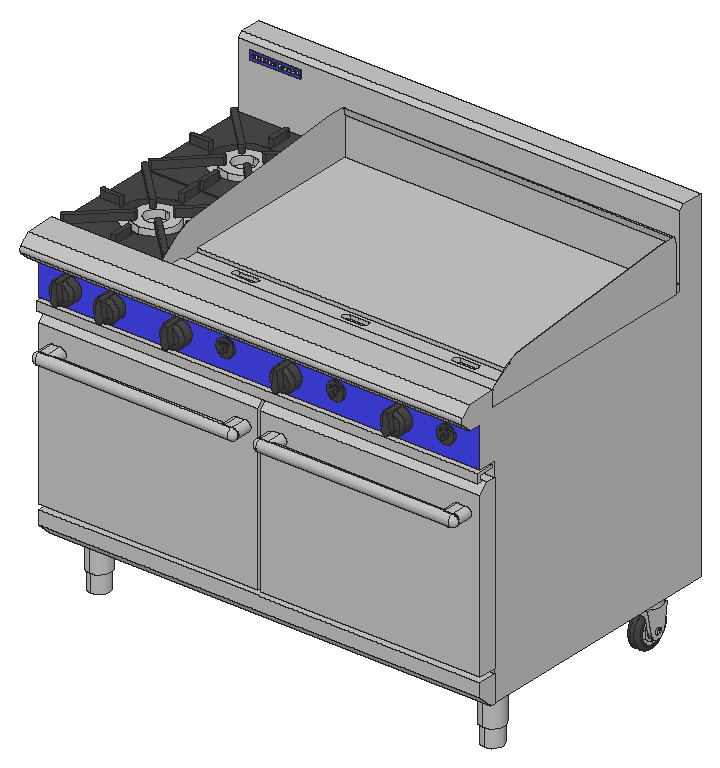
Revit family "QF_MOFFAT_BLUESEAL_CE_G528A", category Specialty Equipment, Revit 2012
Parameters
  Width = 1200 mm
  Weight in Pounds = 664  # constant formula
  URL Cutsheet = "www.moffat.com"
  URL = "www.moffat.com"
  Type Mark [instance] = ""
  Status [instance] = ""
  Specification by User [instance] = ""
  Specification by Manufacturer = ""
  Show Logo [instance] = yes
  Show Clearance [instance] = yes
  Show Casters [instance] = yes
  Serial Number = ""
  Seismic Rating = ""
  SMACNA No = ""
  Revision Code [instance] = ""
  Omniclass Number and Title = ""
  NAFEM Spec ID Number = ""
  Model = "G528A"
  Mechanical Remarks = ""
  Mechanical Connection Type [instance] = ""
  Masterspec = ""
  Manufacturer = "MOFFAT BLUESEAL"
  Legs [instance] = not(Show Casters)  # no
  Item Number [instance] = ""
  Installed By [instance] = ""
  Identify Quantity as Lot [instance] = yes
  Height = 970 mm
  Gas Size = 3/4"
  Gas RI Height [instance] = 0 mm
  Gas KW [instance] = 45.5
  Gas Input [instance] = 155441.0 Btu/h
  Gas Connection Height = 0 mm
  Furnished By [instance] = ""
  Foodservice Equipment Identifier [instance] = yes
  Description = "1200MM GAS RANGE WITH DOUBLE STATIC OVENS"
  Depth = 812 mm
  CSI MasterFormat = ""
  CSI Master Format = ""
  Body Finish = QF_Finishes_Stainless Steel
Reference planes
  plane 1 "BACK": y = 0
  plane 2: z = 0
  plane 3 "LEFT": x = 0
  plane 4 "RIGHT": x = 1200
  plane 5 "FRONT": y = -812
  plane 6 "TOP": z = 970
  plane 7 "Center Y": x = 600
  plane 8 "Center X": y = -406
  plane 9: y = -805
  plane 10: y = -32
  plane 11: z = 655
  plane 12: z = 1085
  plane 13: y = -100
  plane 14: y = -625
  plane 15: x = 1134.5
  plane 16: x = 65.5
Forms (mm)
  Extrusion 1, solid, material "QF_Finishes_Stainless Steel" <- "Body Finish"
    sketch origin (0, 0, 0) x (0, 1, 0) y (0, 0, 1)
      loop
        line (0, 150) -> (0, 1085) -> (-57.5, 1085) -> (-70, 1072.5) -> (-70, 875) -> (-705, 875) -> (-705, 915) -> (-783.97, 915) -> (-808.485, 890.485)
        arc (-808.485, 890.485) -> (-811.999, 882) -> (-808.485, 873.515) r 12
        line (-808.485, 873.515) -> (-784.97, 850) -> (-749, 850) -> (-749, 740) -> (-699, 740) -> (-699, 150) -> (0, 150)
      loop
        line (-756, 710) -> (-747.224, 710) -> (-749.613, 726.999) -> (-707.93, 726.999) -> (-707.93, 734.003) -> (-756, 734.003) -> (-756, 710)
      loop
        line (-749, 186) -> (-713, 150) -> (-700, 150) -> (-700, 222.5) -> (-749, 222.5) -> (-749, 186)
    from 0 to 1200
  Extrusion 2, solid, material "QF_Finishes_Stainless Steel"
    sketch origin (0, 0, 0) x (0, 1, 0) y (0, 0, 1)
      loop
        line (-749, 676) -> (-749, 235) -> (-700, 235) -> (-700, 700) -> (-725, 700) -> (-749, 676)
    from 0 to 1200
  Revolve 3, solid, material "QF_Finishes_Stainless Steel" <- "Body Finish"
    sketch origin (1134.5, -696.126, 0) x (0, 1, 0) y (0, 0, -1)
      loop
        line (39.376, -150) -> (71.126, -150) -> (71.126, 0) -> (43.626, 0) -> (43.626, -50) -> (39.376, -50) -> (39.376, -150)
      axis (71.126, -150) -> (71.126, 0)
    angle from 0 to 360
  Revolve 4, solid, material "QF_Finishes_Stainless Steel" <- "Body Finish"
    sketch origin (65.5, -696.126, 0) x (0, 1, 0) y (0, 0, 1)
      loop
        line (39.376, 150) -> (39.376, 50) -> (43.626, 50) -> (43.626, 0) -> (71.126, 0) -> (71.126, 150) -> (39.376, 150)
      axis (71.126, 150) -> (71.126, 0)
    angle from 0 to 360
  Extrusion 5, solid, material "QF_Finishes_Stainless Steel"
    sketch origin (-64.5, 0, 325) x (1, 0, 0) y (0, 1, 0)
      loop
        circle (1134.5, -34) r 10
    from 330 to 374.856
  Revolve 6, solid, material "QF_Finishes_Black"
    sketch origin (90.337, 45.874, -0.078) x (0, 1, 0) y (0, 0, -1)
      loop
        line (-827.874, -829.5) -> (-804.874, -829.5) -> (-804.874, -802) -> (-794.874, -802) -> (-794.874, -797) -> (-838.874, -797) -> (-838.874, -823.651) -> (-827.874, -829.5)
      axis (-838.874, -797) -> (-794.874, -797)
    angle from 0 to 360
  Revolve 7, solid, material "QF_Finishes_Black"
    sketch origin (210.649, 45.874, -0.078) x (0, 1, 0) y (0, 0, -1)
      loop
        line (-827.874, -829.5) -> (-804.874, -829.5) -> (-804.874, -802) -> (-794.874, -802) -> (-794.874, -797) -> (-838.874, -797) -> (-838.874, -823.651) -> (-827.874, -829.5)
      axis (-838.874, -797) -> (-794.874, -797)
    angle from 0 to 360
  Extrusion 8, solid, material "QF_Finishes_Black"
    sketch origin (238.144, 0, -0.078) x (-1, 0, 0) y (0, 0, -1)
      loop
        line (137.724, -786.273) -> (143.145, -829.191)
        arc (143.145, -829.191) -> (148.144, -834.078) -> (153.142, -829.191) r 5
        line (153.142, -829.191) -> (158.631, -785.106)
        arc (158.631, -785.106) -> (147.559, -774.607) -> (137.724, -786.273) r 10.487
    from 759 to 808
  Extrusion 9, void
    sketch origin (0, -756, 676) x (0, 0, 1) y (1, 0, 0)
      loop
        line (24, 595.449) -> (24, 604.551) -> (-453.5, 604.551) -> (-453.5, 595.449) -> (24, 595.449)
    from 0 to 51
  Revolve 10, solid, material "QF_Finishes_Black"
    sketch origin (390.649, 45.874, -0.078) x (0, 1, 0) y (0, 0, -1)
      loop
        line (-827.874, -829.5) -> (-804.874, -829.5) -> (-804.874, -802) -> (-794.874, -802) -> (-794.874, -797) -> (-838.874, -797) -> (-838.874, -823.651) -> (-827.874, -829.5)
      axis (-838.874, -797) -> (-794.874, -797)
    angle from 0 to 360
  Revolve 11, solid, material "QF_Finishes_Black"
    sketch origin (690.649, 45.874, -0.078) x (0, 1, 0) y (0, 0, -1)
      loop
        line (-827.874, -829.5) -> (-804.874, -829.5) -> (-804.874, -802) -> (-794.874, -802) -> (-794.874, -797) -> (-838.874, -797) -> (-838.874, -823.651) -> (-827.874, -829.5)
      axis (-838.874, -797) -> (-794.874, -797)
    angle from 0 to 360
  Revolve 12, solid, material "QF_Finishes_Black"
    sketch origin (990.649, 45.874, -0.078) x (0, 1, 0) y (0, 0, -1)
      loop
        line (-827.874, -829.5) -> (-804.874, -829.5) -> (-804.874, -802) -> (-794.874, -802) -> (-794.874, -797) -> (-838.874, -797) -> (-838.874, -823.651) -> (-827.874, -829.5)
      axis (-838.874, -797) -> (-794.874, -797)
    angle from 0 to 360
  Extrusion 13, solid, material "QF_Door-Drawer Clearances", visible <- "Show Clearance", detail levels coarse
    sketch origin (762.865, 0, 0) x (0, 1, 0) y (0, 0, 1)
      loop
        arc (-756, 697.347) -> (-1088.232, 559.732) -> (-1225.847, 227.5) r 469.847
        line (-1225.847, 227.5) -> (-756, 227.5) -> (-756, 697.347)
    from -167.415 to -762.865
  Extrusion 14, solid, material "QF_Door-Drawer Clearances", visible <- "Show Clearance", detail levels coarse
    sketch origin (437.135, 0, 0) x (0, 1, 0) y (0, 0, -1)
      loop
        line (-756, -697.347) -> (-756, -227.5) -> (-1225.847, -227.5)
        arc (-1225.847, -227.5) -> (-1088.232, -559.732) -> (-756, -697.347) r 469.847
    from -167.415 to -762.865
  Extrusion 15, void
    sketch origin (0, 0, 150) x (-1, 0, 0) y (0, -1, 0)
      loop
        line (-1133.988, 87.26) -> (-1133.988, -30.24) -> (-1004.488, -30.24) -> (-1004.488, 38.76) -> (-1052.988, 87.26) -> (-1133.988, 87.26)
    from 72.5 to 549.856
  Extrusion 16, solid, material "QF_Finishes_Stainless Steel"
    sketch origin (0, -749, 227.5) x (0, 0, 1) y (-1, 0, 0)
      loop
        line (380.625, -38.246) -> (380.625, -58.528)
        arc (380.625, -58.528) -> (395.625, -73.528) -> (410.625, -58.528) r 15
        line (410.625, -58.528) -> (410.625, -38.246)
        arc (410.625, -38.246) -> (395.625, -23.246) -> (380.625, -38.246) r 15
      loop
        arc (380.625, -560.539) -> (395.625, -575.539) -> (410.625, -560.539) r 15
        line (410.625, -560.539) -> (410.625, -540.257)
        arc (410.625, -540.257) -> (395.625, -525.257) -> (380.625, -540.257) r 15
        line (380.625, -540.257) -> (380.625, -560.539)
    from 0 to 44
  Revolve 17, solid, material "QF_Finishes_Stainless Steel"
    sketch origin (0, -793, 0) x (1, 0, 0) y (0, 0, 1)
      loop
        arc (575.852, 623.125) -> (571.458, 633.732) -> (560.852, 638.125) r 15
        line (560.852, 638.125) -> (38.246, 638.125)
        arc (38.246, 638.125) -> (27.64, 633.732) -> (23.246, 623.125) r 15
        line (23.246, 623.125) -> (575.852, 623.125)
      axis (575.852, 623.125) -> (23.246, 623.125)
    angle from 0 to 360
  Extrusion 18, solid, material "QF_Finishes_Stainless Steel"
    sketch origin (600, -749, 227.5) x (0, 0, 1) y (-1, 0, 0)
      loop
        line (380.625, -38.246) -> (380.625, -58.528)
        arc (380.625, -58.528) -> (395.625, -73.528) -> (410.625, -58.528) r 15
        line (410.625, -58.528) -> (410.625, -38.246)
        arc (410.625, -38.246) -> (395.625, -23.246) -> (380.625, -38.246) r 15
      loop
        arc (380.625, -560.539) -> (395.625, -575.539) -> (410.625, -560.539) r 15
        line (410.625, -560.539) -> (410.625, -540.257)
        arc (410.625, -540.257) -> (395.625, -525.257) -> (380.625, -540.257) r 15
        line (380.625, -540.257) -> (380.625, -560.539)
    from 0 to 44
  Revolve 19, solid, material "QF_Finishes_Stainless Steel"
    sketch origin (600, -793, 0) x (1, 0, 0) y (0, 0, 1)
      loop
        arc (575.852, 623.125) -> (571.458, 633.732) -> (560.852, 638.125) r 15
        line (560.852, 638.125) -> (38.246, 638.125)
        arc (38.246, 638.125) -> (27.64, 633.732) -> (23.246, 623.125) r 15
        line (23.246, 623.125) -> (575.852, 623.125)
      axis (575.852, 623.125) -> (23.246, 623.125)
    angle from 0 to 360
  Revolve 20, solid, material "QF_Finishes_Stainless Steel", visible <- "Legs"
    sketch origin (65.5, -166, 0) x (0, 1, 0) y (0, 0, 1)
      loop
        line (34.25, 150) -> (34.25, 50) -> (38.5, 50) -> (38.5, 0) -> (66, 0) -> (66, 150) -> (34.25, 150)
      axis (66, 150) -> (66, 0)
    angle from 0 to 360
  Revolve 21, solid, material "QF_Finishes_Stainless Steel", visible <- "Show Casters"
    sketch origin (16.276, -100.755, -12.8) x (1, 0, 0) y (0, 0, 1)
      loop
        line (14.841, 63.604) -> (83.584, 63.604) -> (83.584, 67.109) -> (82.314, 68.379) -> (80.79, 68.379) -> (80.79, 71.826) -> (68.644, 71.826) -> (68.644, 81.79) -> (65.088, 83.843) -> (63.738, 92.179) -> (65.881, 92.179) -> (65.881, 98.529) -> (65.088, 98.529) -> (65.088, 104.879)
        arc (65.088, 104.879) -> (62.298, 111.614) -> (55.563, 114.404) r 9.525
        line (55.563, 114.404) -> (42.863, 114.404)
        arc (42.863, 114.404) -> (36.127, 111.614) -> (33.338, 104.879) r 9.525
        line (33.338, 104.879) -> (33.338, 98.529) -> (32.544, 98.529) -> (32.544, 92.179) -> (34.687, 92.179) -> (33.352, 83.932) -> (29.782, 81.871) -> (29.782, 71.826) -> (17.635, 71.826) -> (17.635, 68.379) -> (16.111, 68.379) -> (14.841, 67.109) -> (14.841, 63.604)
      axis (14.841, 63.604) -> (83.584, 63.604)
    angle from 0 to 360
  Extrusion 22, solid, material "QF_Finishes_Stainless Steel", visible <- "Show Casters"
    sketch origin (72.001, 132.353, -8.783) x (0, 1, 0) y (0, 0, 1)
      loop
        line (-200.603, 118.783) -> (-264.103, 118.783) -> (-251.746, 53.895)
        arc (-251.746, 53.895) -> (-232.353, 38.783) -> (-212.959, 53.895) r 20
        line (-212.959, 53.895) -> (-200.603, 118.783)
    from -35.667 to 22.923
  Revolve 23, solid, material "QF_Finishes_Stainless Steel", visible <- "Show Casters"
    sketch origin (65.5, -204, 0) x (0, 1, 0) y (0, 0, 1)
      loop
        line (68.25, 150) -> (68.25, 110) -> (104, 110) -> (104, 150) -> (68.25, 150)
      axis (104, 150) -> (104, 110)
    angle from 0 to 360
  Revolve 24, solid, material "QF_Finishes_Stainless Steel", visible <- "Legs"
    sketch origin (65.5, -166, 0) x (0, 1, 0) y (0, 0, 1)
      loop
        line (34.25, 150) -> (34.25, 50) -> (38.5, 50) -> (38.5, 0) -> (66, 0) -> (66, 150) -> (34.25, 150)
      axis (66, 150) -> (66, 0)
    angle from 0 to 360
  Revolve 25, solid, material "QF_Finishes_Stainless Steel", visible <- "Legs"
    sketch origin (1134.5, -166, 0) x (0, 1, 0) y (0, 0, -1)
      loop
        line (34.25, -150) -> (66, -150) -> (66, 0) -> (38.5, 0) -> (38.5, -50) -> (34.25, -50) -> (34.25, -150)
      axis (66, -150) -> (66, 0)
    angle from 0 to 360
  Revolve 26, solid, material "QF_Finishes_Stainless Steel", visible <- "Show Casters"
    sketch origin (1183.724, -100.755, -12.8) x (-1, 0, 0) y (0, 0, -1)
      loop
        line (14.841, -63.604) -> (14.841, -67.109) -> (16.111, -68.379) -> (17.635, -68.379) -> (17.635, -71.826) -> (29.782, -71.826) -> (29.782, -81.871) -> (33.352, -83.932) -> (34.687, -92.179) -> (32.544, -92.179) -> (32.544, -98.529) -> (33.338, -98.529) -> (33.338, -104.879)
        arc (33.338, -104.879) -> (36.127, -111.614) -> (42.863, -114.404) r 9.525
        line (42.863, -114.404) -> (55.563, -114.404)
        arc (55.563, -114.404) -> (62.298, -111.614) -> (65.088, -104.879) r 9.525
        line (65.088, -104.879) -> (65.088, -98.529) -> (65.881, -98.529) -> (65.881, -92.179) -> (63.738, -92.179) -> (65.088, -83.843) -> (68.644, -81.79) -> (68.644, -71.826) -> (80.79, -71.826) -> (80.79, -68.379) -> (82.314, -68.379) -> (83.584, -67.109) -> (83.584, -63.604) -> (14.841, -63.604)
      axis (14.841, -63.604) -> (83.584, -63.604)
    angle from 0 to 360
  Extrusion 27, solid, material "QF_Finishes_Stainless Steel", visible <- "Show Casters"
    sketch origin (1127.999, 132.353, -8.783) x (0, 1, 0) y (0, 0, -1)
      loop
        line (-200.603, -118.783) -> (-212.959, -53.895)
        arc (-212.959, -53.895) -> (-232.353, -38.783) -> (-251.746, -53.895) r 20
        line (-251.746, -53.895) -> (-264.103, -118.783) -> (-200.603, -118.783)
    from -35.667 to 22.923
  Revolve 28, solid, material "QF_Finishes_Stainless Steel", visible <- "Show Casters"
    sketch origin (1134.5, -204, 0) x (0, 1, 0) y (0, 0, -1)
      loop
        line (68.25, -150) -> (104, -150) -> (104, -110) -> (68.25, -110) -> (68.25, -150)
      axis (104, -150) -> (104, -110)
    angle from 0 to 360
  Revolve 29, solid, material "QF_Finishes_Stainless Steel", visible <- "Legs"
    sketch origin (1134.5, -166, 0) x (0, 1, 0) y (0, 0, -1)
      loop
        line (34.25, -150) -> (66, -150) -> (66, 0) -> (38.5, 0) -> (38.5, -50) -> (34.25, -50) -> (34.25, -150)
      axis (66, -150) -> (66, 0)
    angle from 0 to 360
  Extrusion 30, solid, material "QF_Finishes_Black"
    sketch origin (358.456, 0, -0.078) x (-1, 0, 0) y (0, 0, -1)
      loop
        line (137.724, -786.273) -> (143.145, -829.191)
        arc (143.145, -829.191) -> (148.144, -834.078) -> (153.142, -829.191) r 5
        line (153.142, -829.191) -> (158.631, -785.106)
        arc (158.631, -785.106) -> (147.559, -774.607) -> (137.724, -786.273) r 10.487
    from 759 to 808
  Extrusion 31, solid, material "QF_Finishes_Black"
    sketch origin (538.456, 0, -0.078) x (-1, 0, 0) y (0, 0, -1)
      loop
        line (137.724, -786.273) -> (143.145, -829.191)
        arc (143.145, -829.191) -> (148.144, -834.078) -> (153.142, -829.191) r 5
        line (153.142, -829.191) -> (158.631, -785.106)
        arc (158.631, -785.106) -> (147.559, -774.607) -> (137.724, -786.273) r 10.487
    from 759 to 808
  Extrusion 32, solid, material "QF_Finishes_Black"
    sketch origin (838.456, 0, -0.078) x (-1, 0, 0) y (0, 0, -1)
      loop
        line (137.724, -786.273) -> (143.145, -829.191)
        arc (143.145, -829.191) -> (148.144, -834.078) -> (153.142, -829.191) r 5
        line (153.142, -829.191) -> (158.631, -785.106)
        arc (158.631, -785.106) -> (147.559, -774.607) -> (137.724, -786.273) r 10.487
    from 759 to 808
  Extrusion 33, solid, material "QF_Finishes_Black"
    sketch origin (1138.456, 0, -0.078) x (-1, 0, 0) y (0, 0, -1)
      loop
        line (137.724, -786.273) -> (143.145, -829.191)
        arc (143.145, -829.191) -> (148.144, -834.078) -> (153.142, -829.191) r 5
        line (153.142, -829.191) -> (158.631, -785.106)
        arc (158.631, -785.106) -> (147.559, -774.607) -> (137.724, -786.273) r 10.487
    from 759 to 808
  Extrusion 34, solid, material "QF_Finishes_Black"
    sketch origin (0, -749, 850) x (0, 0, -1) y (1, 0, 0)
      loop
        circle (53, 810) r 23.9
      loop
        circle (53, 1110) r 23.9
      loop
        arc (45.641, 1118.419) -> (46.501, 1123.219) -> (41.701, 1124.079) r 3.448
        arc (41.701, 1124.079) -> (35.116, 1109.341) -> (42.919, 1095.209) r 18.095
        arc (42.919, 1095.209) -> (47.641, 1096.491) -> (46.326, 1101.204) r 3.448
        arc (46.326, 1101.204) -> (42.758, 1109.683) -> (45.641, 1118.419) r 13.109
      loop
        arc (45.641, 818.419) -> (46.501, 823.219) -> (41.701, 824.079) r 3.448
        arc (41.701, 824.079) -> (35.116, 809.341) -> (42.919, 795.209) r 18.095
        arc (42.919, 795.209) -> (47.641, 796.491) -> (46.326, 801.204) r 3.448
        arc (46.326, 801.204) -> (42.758, 809.683) -> (45.641, 818.419) r 13.109
      loop
        circle (53, 510) r 23.9
      loop
        arc (45.641, 518.419) -> (46.501, 523.219) -> (41.701, 524.079) r 3.448
        arc (41.701, 524.079) -> (35.116, 509.341) -> (42.919, 495.209) r 18.095
        arc (42.919, 495.209) -> (47.641, 496.491) -> (46.326, 501.204) r 3.448
        arc (46.326, 501.204) -> (42.758, 509.683) -> (45.641, 518.419) r 13.109
    from 0 to 5
  Extrusion 35, solid, material "QF_Finishes_Black"
    sketch origin (0, -754, 850) x (0, 0, -1) y (1, 0, 0)
      loop
        circle (56.5, 810) r 5.75
      loop
        circle (56.5, 1110) r 5.75
      loop
        circle (56.5, 510) r 5.75
    from 0 to 10
Cuts and joins
  Extrusion 9, Extrusion 15 cuts Extrusion 1
  Extrusion 9 cuts Extrusion 2
Lines and regions (mm)
  Split face 1
    outline origin (1200, 0, 1085) x (-1, 0, 0) y (0, -1, 0)
      loop
        arc (35.206, 45.385) -> (26.545, 40.385) -> (26.545, 30.385) r 10
        line (26.545, 30.385) -> (30.587, 23.385)
        arc (30.587, 23.385) -> (34.247, 19.725) -> (39.247, 18.385) r 10
        line (39.247, 18.385) -> (267.206, 18.385)
        arc (267.206, 18.385) -> (275.866, 23.385) -> (275.866, 33.385) r 10
        line (275.866, 33.385) -> (271.824, 40.385)
        arc (271.824, 40.385) -> (268.164, 44.045) -> (263.164, 45.385) r 10
        line (263.164, 45.385) -> (35.206, 45.385)
  Split face 2
    outline origin (1200, 0, 1085) x (-1, 0, 0) y (0, -1, 0)
      loop
        arc (335.206, 45.385) -> (326.545, 40.385) -> (326.545, 30.385) r 10
        line (326.545, 30.385) -> (330.587, 23.385)
        arc (330.587, 23.385) -> (334.247, 19.725) -> (339.247, 18.385) r 10
        line (339.247, 18.385) -> (567.206, 18.385)
        arc (567.206, 18.385) -> (575.866, 23.385) -> (575.866, 33.385) r 10
        line (575.866, 33.385) -> (571.824, 40.385)
        arc (571.824, 40.385) -> (568.164, 44.045) -> (563.164, 45.385) r 10
        line (563.164, 45.385) -> (335.206, 45.385)
  Split face 3
    outline origin (1200, 0, 1085) x (-1, 0, 0) y (0, -1, 0)
      loop
        arc (635.206, 45.385) -> (626.545, 40.385) -> (626.545, 30.385) r 10
        line (626.545, 30.385) -> (630.587, 23.385)
        arc (630.587, 23.385) -> (634.247, 19.725) -> (639.247, 18.385) r 10
        line (639.247, 18.385) -> (867.206, 18.385)
        arc (867.206, 18.385) -> (875.866, 23.385) -> (875.866, 33.385) r 10
        line (875.866, 33.385) -> (871.824, 40.385)
        arc (871.824, 40.385) -> (868.164, 44.045) -> (863.164, 45.385) r 10
        line (863.164, 45.385) -> (635.206, 45.385)
  Split face 4
    outline origin (1200, 0, 1085) x (-1, 0, 0) y (0, -1, 0)
      loop
        arc (935.206, 45.385) -> (926.545, 40.385) -> (926.545, 30.385) r 10
        line (926.545, 30.385) -> (930.587, 23.385)
        arc (930.587, 23.385) -> (934.247, 19.725) -> (939.247, 18.385) r 10
        line (939.247, 18.385) -> (1167.206, 18.385)
        arc (1167.206, 18.385) -> (1175.866, 23.385) -> (1175.866, 33.385) r 10
        line (1175.866, 33.385) -> (1171.824, 40.385)
        arc (1171.824, 40.385) -> (1168.164, 44.045) -> (1163.164, 45.385) r 10
        line (1163.164, 45.385) -> (935.206, 45.385)
  symbolic lines, style "QF_Door-Drawer Clearances", visible <- "Show Clearance"
    curve 1: line (0, -1225.847, 0) -> (595.449, -1225.847, 0)
    curve 2: line (595.449, -1225.847, 0) -> (595.449, -812, 0)
    curve 3: line (0, -1225.847, 0) -> (0, -812, 0)
    curve 4: line (1200, -1225.847, 0) -> (604.551, -1225.847, 0)
    curve 5: line (604.551, -1225.847, 0) -> (604.551, -812, 0)
    curve 6: line (1200, -1225.847, 0) -> (1200, -812, 0)
  symbolic lines, style "SpecialityEquipmentHiddenLines", visible <- "Show Casters"
    curve 7: line (78.456, -46.735, 0) -> (105.952, -62.61, 0)
    curve 8: line (27.656, -134.723, 0) -> (78.456, -46.735, 0)
    curve 9: line (55.152, -150.598, 0) -> (27.656, -134.723, 0)
    curve 10: line (105.952, -62.61, 0) -> (55.152, -150.598, 0)
    curve 11: line (1125.152, -150.598, 0) -> (1097.656, -134.723, 0)
    curve 12: line (1175.952, -62.61, 0) -> (1125.152, -150.598, 0)
    curve 13: line (1148.456, -46.735, 0) -> (1097.656, -134.723, 0)
    curve 14: line (1175.952, -62.61, 0) -> (1148.456, -46.735, 0)
  symbolic lines
    curve 15: line (32.794, -18.385, 0) -> (260.753, -18.385, 0)
    curve 16: arc (260.753, -18.385, 0) -> (265.753, -19.725, 0) -> (269.413, -23.385, 0) r 10
    curve 17: line (269.413, -23.385, 0) -> (273.455, -30.385, 0)
    curve 18: arc (273.455, -30.385, 0) -> (273.455, -40.385, 0) -> (264.794, -45.385, 0) r 10
    curve 19: line (264.794, -45.385, 0) -> (36.836, -45.385, 0)
    curve 20: arc (36.836, -45.385, 0) -> (31.836, -44.045, 0) -> (28.176, -40.385, 0) r 10
    curve 21: line (28.176, -40.385, 0) -> (24.134, -33.385, 0)
    curve 22: arc (24.134, -33.385, 0) -> (24.134, -23.385, 0) -> (32.794, -18.385, 0) r 10
    curve 23: line (332.794, -18.385, 0) -> (560.753, -18.385, 0)
    curve 24: arc (560.753, -18.385, 0) -> (565.753, -19.725, 0) -> (569.413, -23.385, 0) r 10
    curve 25: line (569.413, -23.385, 0) -> (573.455, -30.385, 0)
    curve 26: arc (573.455, -30.385, 0) -> (573.455, -40.385, 0) -> (564.794, -45.385, 0) r 10
    curve 27: line (564.794, -45.385, 0) -> (336.836, -45.385, 0)
    curve 28: arc (336.836, -45.385, 0) -> (331.836, -44.045, 0) -> (328.176, -40.385, 0) r 10
    curve 29: line (328.176, -40.385, 0) -> (324.134, -33.385, 0)
    curve 30: arc (324.134, -33.385, 0) -> (324.134, -23.385, 0) -> (332.794, -18.385, 0) r 10
    curve 31: line (860.753, -18.385, 0) -> (632.794, -18.385, 0)
    curve 32: arc (632.794, -18.385, 0) -> (624.134, -23.385, 0) -> (624.134, -33.385, 0) r 10
    curve 33: line (624.134, -33.385, 0) -> (628.176, -40.385, 0)
    curve 34: arc (628.176, -40.385, 0) -> (631.836, -44.045, 0) -> (636.836, -45.385, 0) r 10
    curve 35: line (636.836, -45.385, 0) -> (864.794, -45.385, 0)
    curve 36: arc (864.794, -45.385, 0) -> (873.455, -40.385, 0) -> (873.455, -30.385, 0) r 10
    curve 37: line (873.455, -30.385, 0) -> (869.413, -23.385, 0)
    curve 38: arc (869.413, -23.385, 0) -> (865.753, -19.725, 0) -> (860.753, -18.385, 0) r 10
    curve 39: line (1160.753, -18.385, 0) -> (932.794, -18.385, 0)
    curve 40: arc (932.794, -18.385, 0) -> (924.134, -23.385, 0) -> (924.134, -33.385, 0) r 10
    curve 41: line (924.134, -33.385, 0) -> (928.176, -40.385, 0)
    curve 42: arc (928.176, -40.385, 0) -> (931.836, -44.045, 0) -> (936.836, -45.385, 0) r 10
    curve 43: line (936.836, -45.385, 0) -> (1164.794, -45.385, 0)
    curve 44: arc (1164.794, -45.385, 0) -> (1173.455, -40.385, 0) -> (1173.455, -30.385, 0) r 10
    curve 45: line (1173.455, -30.385, 0) -> (1169.413, -23.385, 0)
    curve 46: arc (1169.413, -23.385, 0) -> (1165.753, -19.725, 0) -> (1160.753, -18.385, 0) r 10
    curve 47: line (0, -783.97, 0) -> (1200, -783.97, 0)
    curve 48: line (0, -812, 0) -> (1200, -812, 0)
    curve 49: line (1200, 0, 0) -> (0, 0, 0)
    curve 50: line (0, 0, 0) -> (0, -812, 0)
    curve 51: line (0, -57.5, 0) -> (1200, -57.5, 0)
    curve 52: line (0, -70, 0) -> (1200, -70, 0)
    curve 53: line (1200, -812, 0) -> (1200, 0, 0)
Dimensions and locks
  equal spacing: plane 3 "LEFT", plane 7 "Center Y", plane 4 "RIGHT"
  "Width": plane 3 "LEFT" to plane 4 "RIGHT"
  equal spacing: plane 5 "FRONT", plane 8 "Center X", plane 1 "BACK"
  "Depth": plane 5 "FRONT" to plane 1 "BACK"
  equal spacing: plane 4 "RIGHT", plane 7 "Center Y", plane 3 "LEFT"
  plane 4 "RIGHT" to plane 3 "LEFT" = 1200 mm
  "Height": plane 6 "TOP" to level
  plane 5 "FRONT" to plane 1 "BACK" = 812 mm
  plane 9 to plane 5 "FRONT" = 7 mm
  plane 6 "TOP" to plane 2 = 970 mm
  plane 12 to plane 2 = 1085 mm
  Extrusion 5 sketch curve to plane 4 "RIGHT" = 130 mm
  Extrusion 5 sketch curve to plane 1 "BACK" = 34 mm
  level to Extrusion 5 = 655 mm
  Revolve 21 sketch curve to Revolve 21 sketch curve = 50.8 mm
  Revolve 26 sketch curve to Revolve 26 sketch curve = 50.8 mm
  aligned and locked: level to plane 2
  aligned and locked: Extrusion 1 to plane 4 "RIGHT"
  aligned and locked: Extrusion 2 to plane 4 "RIGHT"
  aligned and locked: cut or joined group of Extrusion 2, Extrusion 9 to Extrusion 13
Automatic sketch dimensions
  Extrusion 1 sketch curve to plane 12 = 0 mm
  Extrusion 1 sketch curve to plane 1 "BACK" = 0 mm
  Extrusion 1 sketch curve to plane 10 = 25.5 mm
  plane 13 to Extrusion 1 sketch curve = 30 mm
  Extrusion 1 sketch curve to plane 14 = 74 mm
  Extrusion 1 sketch curve to Extrusion 1 sketch curve = 1 mm
  Extrusion 1 sketch curve to plane 14 = 80 mm
  Extrusion 1 sketch curve to Extrusion 1 sketch curve = 8.93 mm
  Extrusion 1 sketch curve to Extrusion 1 sketch curve = 13 mm
  Extrusion 1 sketch curve to Extrusion 1 sketch curve = 39.294 mm
  Extrusion 1 sketch curve to Extrusion 1 sketch curve = 36 mm  (x2)
  Extrusion 1 sketch curve to Extrusion 1 sketch curve = 44 mm
  Extrusion 1 sketch curve to Extrusion 1 sketch curve = 0.613 mm
  Extrusion 1 sketch curve to Extrusion 1 sketch curve = 8.776 mm
  plane 9 to Extrusion 1 sketch curve = 21.03 mm
  plane 9 to Extrusion 1 sketch curve = 20.03 mm
  plane 9 to Extrusion 1 sketch curve = 5.001 mm
  Extrusion 1 sketch curve to plane 9 = 3.485 mm  (x2)
  Extrusion 1 sketch curve to plane 12 = 12.5 mm
  Extrusion 1 sketch curve to plane 6 "TOP" = 55 mm
  Extrusion 1 sketch curve to Extrusion 1 sketch curve = 24.515 mm
  Extrusion 1 sketch curve to Extrusion 1 sketch curve = 8.485 mm
  Extrusion 1 sketch curve to Extrusion 1 sketch curve = 40 mm
  Extrusion 1 sketch curve to Extrusion 1 sketch curve = 25 mm
  plane 11 to Extrusion 1 sketch curve = 85 mm
  Extrusion 1 sketch curve to Extrusion 1 sketch curve = 5.997 mm
  Extrusion 1 sketch curve to Extrusion 1 sketch curve = 7.004 mm
  Extrusion 1 sketch curve to Extrusion 1 sketch curve = 16.999 mm
  level to Extrusion 1 sketch curve = 222.5 mm
  Extrusion 1 sketch curve to Extrusion 1 sketch curve = 36.5 mm
  Extrusion 1 sketch curve to Extrusion 1 sketch curve = 0 mm
  plane 11 to Extrusion 2 sketch curve = 21 mm
  plane 9 to Extrusion 2 sketch curve = 56 mm
  Extrusion 2 sketch curve to Extrusion 2 sketch curve = 24 mm  (x2)
  Extrusion 2 sketch curve to Extrusion 2 sketch curve = 25 mm
  level to Extrusion 2 sketch curve = 235 mm
  Revolve 3 sketch curve to level = 0 mm
  Revolve 3 sketch curve to plane 14 = 0 mm  (x2)
  Revolve 3 sketch curve to Revolve 3 sketch curve = 27.5 mm
  Revolve 3 sketch curve to Revolve 3 sketch curve = 31.75 mm
  level to Revolve 3 sketch curve = 50 mm
  Revolve 3 sketch curve to Revolve 3 sketch curve = 0 mm
  Revolve 3 sketch curve to Revolve 3 sketch curve = 100 mm
  Revolve 3 sketch curve to Revolve 3 sketch curve = 55 mm
  Revolve 4 sketch curve to level = 0 mm
  Revolve 4 sketch curve to plane 14 = 0 mm  (x2)
  Revolve 4 sketch curve to Revolve 4 sketch curve = 27.5 mm
  Revolve 4 sketch curve to Revolve 4 sketch curve = 31.75 mm
  Revolve 4 sketch curve to level = 55 mm
  Revolve 4 sketch curve to Revolve 4 sketch curve = 50 mm
  Revolve 4 sketch curve to Revolve 4 sketch curve = 0 mm
  Revolve 4 sketch curve to Revolve 4 sketch curve = 100 mm
  plane 9 to Revolve 6 sketch curve = 12 mm
  Revolve 6 sketch curve to Revolve 6 sketch curve = 0 mm  (x2)
  Revolve 6 sketch curve to Revolve 6 sketch curve = 11 mm
  Revolve 6 sketch curve to Revolve 6 sketch curve = 12.7 mm
  Revolve 6 sketch curve to Revolve 6 sketch curve = 23 mm
  Revolve 6 sketch curve to Revolve 6 sketch curve = 10 mm
  Revolve 6 sketch curve to plane 6 "TOP" = 140.578 mm
  Revolve 6 sketch curve to Revolve 6 sketch curve = 5.849 mm
  Revolve 6 sketch curve to Revolve 6 sketch curve = 27.5 mm
  Revolve 6 sketch curve to Revolve 6 sketch curve = 5 mm
  plane 9 to Revolve 7 sketch curve = 12 mm
  Revolve 7 sketch curve to Revolve 7 sketch curve = 0 mm  (x2)
  Revolve 7 sketch curve to Revolve 7 sketch curve = 11 mm
  Revolve 7 sketch curve to Revolve 7 sketch curve = 12.7 mm
  Revolve 7 sketch curve to Revolve 7 sketch curve = 23 mm
  Revolve 7 sketch curve to Revolve 7 sketch curve = 10 mm
  Revolve 7 sketch curve to plane 6 "TOP" = 140.578 mm
  Revolve 7 sketch curve to Revolve 7 sketch curve = 5.849 mm
  Revolve 7 sketch curve to Revolve 7 sketch curve = 27.5 mm
  Revolve 7 sketch curve to Revolve 7 sketch curve = 5 mm
  plane 16 to Extrusion 8 sketch curve = 34.919 mm
  plane 16 to Extrusion 8 sketch curve = 29.499 mm
  Extrusion 8 sketch curve to Extrusion 8 sketch curve = 10.419 mm
  Extrusion 8 sketch curve to Extrusion 8 sketch curve = 4.999 mm  (x2)
  Extrusion 8 sketch curve to Extrusion 8 sketch curve = 10.487 mm
  Extrusion 8 sketch curve to plane 6 "TOP" = 140.887 mm
  Extrusion 8 sketch curve to Extrusion 8 sketch curve = 0.113 mm
  Extrusion 8 sketch curve to Extrusion 8 sketch curve = 42.919 mm
  Extrusion 8 sketch curve to Extrusion 8 sketch curve = 1.167 mm
  plane 7 "Center Y" to Extrusion 9 sketch curve = 4.551 mm
  level to Extrusion 9 sketch curve = 222.5 mm
  plane 11 to Extrusion 9 sketch curve = 45 mm
  Extrusion 9 sketch curve to plane 7 "Center Y" = 4.551 mm
  plane 9 to Revolve 10 sketch curve = 12 mm
  Revolve 10 sketch curve to Revolve 10 sketch curve = 0 mm  (x2)
  Revolve 10 sketch curve to Revolve 10 sketch curve = 11 mm
  Revolve 10 sketch curve to Revolve 10 sketch curve = 12.7 mm
  Revolve 10 sketch curve to Revolve 10 sketch curve = 23 mm
  Revolve 10 sketch curve to Revolve 10 sketch curve = 10 mm
  Revolve 10 sketch curve to plane 6 "TOP" = 140.578 mm
  Revolve 10 sketch curve to Revolve 10 sketch curve = 5.849 mm
  Revolve 10 sketch curve to Revolve 10 sketch curve = 27.5 mm
  Revolve 10 sketch curve to Revolve 10 sketch curve = 5 mm
  plane 9 to Revolve 11 sketch curve = 12 mm
  Revolve 11 sketch curve to Revolve 11 sketch curve = 0 mm  (x2)
  Revolve 11 sketch curve to Revolve 11 sketch curve = 11 mm
  Revolve 11 sketch curve to Revolve 11 sketch curve = 12.7 mm
  Revolve 11 sketch curve to Revolve 11 sketch curve = 23 mm
  Revolve 11 sketch curve to Revolve 11 sketch curve = 10 mm
  Revolve 11 sketch curve to plane 6 "TOP" = 140.578 mm
  Revolve 11 sketch curve to Revolve 11 sketch curve = 5.849 mm
  Revolve 11 sketch curve to Revolve 11 sketch curve = 27.5 mm
  Revolve 11 sketch curve to Revolve 11 sketch curve = 5 mm
  plane 9 to Revolve 12 sketch curve = 12 mm
  Revolve 12 sketch curve to Revolve 12 sketch curve = 0 mm  (x2)
  Revolve 12 sketch curve to Revolve 12 sketch curve = 11 mm
  Revolve 12 sketch curve to Revolve 12 sketch curve = 12.7 mm
  Revolve 12 sketch curve to Revolve 12 sketch curve = 23 mm
  Revolve 12 sketch curve to Revolve 12 sketch curve = 10 mm
  Revolve 12 sketch curve to plane 6 "TOP" = 140.578 mm
  Revolve 12 sketch curve to Revolve 12 sketch curve = 5.849 mm
  Revolve 12 sketch curve to Revolve 12 sketch curve = 27.5 mm
  Revolve 12 sketch curve to Revolve 12 sketch curve = 5 mm
  plane 5 "FRONT" to Extrusion 13 sketch curve = 413.847 mm
  plane 9 to Extrusion 13 sketch curve = 49 mm
  level to Extrusion 13 sketch curve = 227.5 mm
  plane 5 "FRONT" to Extrusion 14 sketch curve = 413.847 mm
  plane 9 to Extrusion 14 sketch curve = 49 mm
  plane 11 to Extrusion 14 sketch curve = 42.347 mm
  Extrusion 15 sketch curve to plane 15 = 0.512 mm
  plane 13 to Extrusion 15 sketch curve = 12.74 mm
  Extrusion 15 sketch curve to Extrusion 15 sketch curve = 81 mm
  Extrusion 15 sketch curve to plane 10 = 6.76 mm
  Extrusion 15 sketch curve to Extrusion 15 sketch curve = 48.5 mm
  Extrusion 15 sketch curve to plane 1 "BACK" = 30.24 mm
  Extrusion 16 sketch curve to plane 16 = 6.972 mm
  Extrusion 16 sketch curve to plane 11 = 46.875 mm  (x2)
  Extrusion 16 sketch curve to Extrusion 16 sketch curve = 15 mm  (x2)
  Extrusion 16 sketch curve to plane 7 "Center Y" = 59.743 mm
  Extrusion 16 sketch curve to Extrusion 16 sketch curve = 20.282 mm  (x2)
  Revolve 17 sketch curve to plane 3 "LEFT" = 6.961 mm
  plane 3 "LEFT" to Revolve 17 sketch curve = 23.246 mm
  Revolve 17 sketch curve to plane 11 = 16.875 mm
  Revolve 17 sketch curve to Revolve 17 sketch curve = 15 mm
  Revolve 17 sketch curve to plane 7 "Center Y" = 39.148 mm
  Revolve 17 sketch curve to plane 7 "Center Y" = 11.961 mm
  Revolve 17 sketch curve to Revolve 17 sketch curve = 0 mm
  Extrusion 18 sketch curve to plane 11 = 46.875 mm  (x2)
  plane 15 to Extrusion 18 sketch curve = 5.757 mm
  Extrusion 18 sketch curve to Extrusion 18 sketch curve = 15 mm  (x2)
  Extrusion 18 sketch curve to Extrusion 18 sketch curve = 20.282 mm  (x2)
  plane 7 "Center Y" to Extrusion 18 sketch curve = 58.528 mm
  Revolve 19 sketch curve to plane 7 "Center Y" = 6.961 mm
  plane 7 "Center Y" to Revolve 19 sketch curve = 23.246 mm
  Revolve 19 sketch curve to plane 11 = 16.875 mm
  Revolve 19 sketch curve to Revolve 19 sketch curve = 15 mm
  plane 15 to Revolve 19 sketch curve = 26.352 mm
  plane 4 "RIGHT" to Revolve 19 sketch curve = 11.961 mm
  Revolve 19 sketch curve to Revolve 19 sketch curve = 0 mm
  Split face 1 sketch curve to cut or joined group of Extrusion 1, Extrusion 9, Extrusion 15 = 26.545 mm
  Split face 1 sketch curve to Split face 1 sketch curve = 4.041 mm  (x4)
  Split face 1 sketch curve to Split face 1 sketch curve = 8.66 mm  (x2)
  Split face 1 sketch curve to cut or joined group of Extrusion 1, Extrusion 9, Extrusion 15 = 22.115 mm
  Split face 1 sketch curve to Split face 1 sketch curve = 223.917 mm
  Split face 1 sketch curve to cut or joined group of Extrusion 1, Extrusion 9, Extrusion 15 = 17.115 mm
  Split face 1 sketch curve to Split face 1 sketch curve = 10 mm
  Split face 1 sketch curve to Split face 1 sketch curve = 7 mm  (x3)
  Split face 2 sketch curve to cut or joined group of Extrusion 1, Extrusion 9, Extrusion 15 = 27.115 mm
  Split face 2 sketch curve to cut or joined group of Extrusion 1, Extrusion 9, Extrusion 15 = 326.545 mm
  Split face 2 sketch curve to cut or joined group of Extrusion 1, Extrusion 9, Extrusion 15 = 23.385 mm
  Split face 2 sketch curve to Split face 2 sketch curve = 4.041 mm  (x4)
  Split face 2 sketch curve to Split face 2 sketch curve = 8.66 mm  (x2)
  Split face 2 sketch curve to cut or joined group of Extrusion 1, Extrusion 9, Extrusion 15 = 22.115 mm
  Split face 2 sketch curve to Split face 2 sketch curve = 223.917 mm
  Split face 2 sketch curve to cut or joined group of Extrusion 1, Extrusion 9, Extrusion 15 = 17.115 mm
  Split face 2 sketch curve to Split face 2 sketch curve = 17 mm
  Split face 2 sketch curve to Split face 2 sketch curve = 7 mm
  Split face 3 sketch curve to cut or joined group of Extrusion 1, Extrusion 9, Extrusion 15 = 27.115 mm
  Split face 3 sketch curve to cut or joined group of Extrusion 1, Extrusion 9, Extrusion 15 = 573.455 mm
  Split face 3 sketch curve to cut or joined group of Extrusion 1, Extrusion 9, Extrusion 15 = 23.385 mm
  Split face 3 sketch curve to Split face 3 sketch curve = 4.041 mm  (x3)
  Split face 3 sketch curve to Split face 3 sketch curve = 8.66 mm  (x3)
  Split face 3 sketch curve to cut or joined group of Extrusion 1, Extrusion 9, Extrusion 15 = 12.115 mm
  Split face 3 sketch curve to Split face 3 sketch curve = 223.917 mm
  Split face 3 sketch curve to cut or joined group of Extrusion 1, Extrusion 9, Extrusion 15 = 17.115 mm
  Split face 3 sketch curve to cut or joined group of Extrusion 1, Extrusion 9, Extrusion 15 = 24.115 mm
  Split face 3 sketch curve to Split face 3 sketch curve = 5 mm
  Split face 4 sketch curve to cut or joined group of Extrusion 1, Extrusion 9, Extrusion 15 = 27.115 mm
  Split face 4 sketch curve to cut or joined group of Extrusion 1, Extrusion 9, Extrusion 15 = 273.455 mm
  Split face 4 sketch curve to cut or joined group of Extrusion 1, Extrusion 9, Extrusion 15 = 23.385 mm
  Split face 4 sketch curve to Split face 4 sketch curve = 4.041 mm  (x4)
  Split face 4 sketch curve to Split face 4 sketch curve = 8.66 mm  (x2)
  Split face 4 sketch curve to cut or joined group of Extrusion 1, Extrusion 9, Extrusion 15 = 22.115 mm
  Split face 4 sketch curve to cut or joined group of Extrusion 1, Extrusion 9, Extrusion 15 = 36.836 mm
  Split face 4 sketch curve to Split face 4 sketch curve = 17 mm
  Split face 4 sketch curve to Split face 4 sketch curve = 7 mm  (x2)
  Revolve 20 sketch curve to level = 0 mm
  Revolve 20 sketch curve to plane 13 = 0 mm  (x2)
  Revolve 20 sketch curve to Revolve 20 sketch curve = 27.5 mm
  Revolve 20 sketch curve to Revolve 20 sketch curve = 31.75 mm
  Revolve 20 sketch curve to Revolve 20 sketch curve = 55 mm
  level to Revolve 20 sketch curve = 50 mm
  Revolve 20 sketch curve to Revolve 20 sketch curve = 0 mm
  Revolve 20 sketch curve to Revolve 20 sketch curve = 100 mm
  plane 3 "LEFT" to Revolve 21 sketch curve = 31.118 mm
  Revolve 21 sketch curve to Revolve 21 sketch curve = 1.27 mm  (x4)
  Revolve 21 sketch curve to Revolve 21 sketch curve = 1.524 mm  (x2)
  Revolve 21 sketch curve to Revolve 21 sketch curve = 12.146 mm  (x2)
  Revolve 21 sketch curve to plane 16 = 16.68 mm
  Revolve 21 sketch curve to Revolve 21 sketch curve = 0.794 mm  (x2)
  Revolve 21 sketch curve to Revolve 21 sketch curve = 3.57 mm
  Revolve 21 sketch curve to Revolve 21 sketch curve = 2.143 mm
  Revolve 21 sketch curve to plane 16 = 6.361 mm
  plane 16 to Revolve 21 sketch curve = 5.13 mm
  plane 16 to Revolve 21 sketch curve = 6.339 mm
  plane 16 to Revolve 21 sketch curve = 14.515 mm
  Revolve 21 sketch curve to Revolve 21 sketch curve = 1.349 mm  (x2)
  Revolve 21 sketch curve to Revolve 21 sketch curve = 3.556 mm
  Revolve 21 sketch curve to Revolve 21 sketch curve = 33.32 mm
  level to Revolve 21 sketch curve = 50.804 mm
  Revolve 21 sketch curve to Revolve 21 sketch curve = 0 mm
  Revolve 21 sketch curve to Revolve 21 sketch curve = 3.505 mm  (x2)
  Revolve 21 sketch curve to Revolve 21 sketch curve = 3.447 mm  (x2)
  Revolve 21 sketch curve to Revolve 21 sketch curve = 9.964 mm
  Revolve 21 sketch curve to Revolve 21 sketch curve = 10.045 mm
  Revolve 21 sketch curve to Revolve 21 sketch curve = 2.053 mm
  Revolve 21 sketch curve to Revolve 21 sketch curve = 2.061 mm
  Revolve 21 sketch curve to Revolve 21 sketch curve = 8.247 mm
  Revolve 21 sketch curve to Revolve 21 sketch curve = 8.336 mm
  Revolve 21 sketch curve to Revolve 21 sketch curve = 6.35 mm  (x2)
  Extrusion 22 sketch curve to plane 13 = 0 mm
  Extrusion 22 sketch curve to plane 13 = 19.393 mm
  Extrusion 22 sketch curve to plane 13 = 31.75 mm
  plane 13 to Extrusion 22 sketch curve = 19.393 mm
  plane 13 to Extrusion 22 sketch curve = 31.75 mm
  level to Extrusion 22 sketch curve = 45.111 mm
  Extrusion 22 sketch curve to Extrusion 22 sketch curve = 4.889 mm
  Extrusion 22 sketch curve to Extrusion 22 sketch curve = 64.889 mm
  Revolve 23 sketch curve to plane 13 = 0 mm  (x2)
  Revolve 23 sketch curve to Revolve 23 sketch curve = 35.75 mm
  Revolve 23 sketch curve to level = 55 mm
  level to Revolve 23 sketch curve = 50 mm
  Revolve 23 sketch curve to Revolve 23 sketch curve = 60 mm
  Revolve 23 sketch curve to Revolve 23 sketch curve = 40 mm
  Revolve 24 sketch curve to level = 0 mm
  Revolve 24 sketch curve to plane 13 = 0 mm  (x2)
  Revolve 24 sketch curve to Revolve 24 sketch curve = 27.5 mm
  Revolve 24 sketch curve to Revolve 24 sketch curve = 31.75 mm
  Revolve 24 sketch curve to Revolve 24 sketch curve = 55 mm
  level to Revolve 24 sketch curve = 50 mm
  Revolve 24 sketch curve to Revolve 24 sketch curve = 0 mm
  Revolve 24 sketch curve to Revolve 24 sketch curve = 100 mm
  Revolve 25 sketch curve to level = 0 mm
  Revolve 25 sketch curve to plane 13 = 0 mm  (x2)
  Revolve 25 sketch curve to Revolve 25 sketch curve = 27.5 mm
  Revolve 25 sketch curve to Revolve 25 sketch curve = 31.75 mm
  level to Revolve 25 sketch curve = 50 mm
  Revolve 25 sketch curve to Revolve 25 sketch curve = 0 mm
  Revolve 25 sketch curve to Revolve 25 sketch curve = 100 mm
  Revolve 25 sketch curve to Revolve 25 sketch curve = 55 mm
  plane 4 "RIGHT" to Revolve 26 sketch curve = 31.118 mm
  Revolve 26 sketch curve to Revolve 26 sketch curve = 1.27 mm  (x4)
  Revolve 26 sketch curve to Revolve 26 sketch curve = 1.524 mm  (x2)
  Revolve 26 sketch curve to Revolve 26 sketch curve = 12.146 mm  (x2)
  plane 15 to Revolve 26 sketch curve = 16.68 mm
  Revolve 26 sketch curve to Revolve 26 sketch curve = 0.794 mm  (x2)
  Revolve 26 sketch curve to Revolve 26 sketch curve = 3.57 mm
  Revolve 26 sketch curve to Revolve 26 sketch curve = 2.143 mm
  plane 15 to Revolve 26 sketch curve = 6.361 mm
  Revolve 26 sketch curve to plane 15 = 5.13 mm
  Revolve 26 sketch curve to plane 15 = 6.339 mm
  Revolve 26 sketch curve to plane 15 = 14.515 mm
  Revolve 26 sketch curve to Revolve 26 sketch curve = 1.349 mm  (x2)
  Revolve 26 sketch curve to Revolve 26 sketch curve = 3.556 mm
  Revolve 26 sketch curve to Revolve 26 sketch curve = 33.32 mm
  level to Revolve 26 sketch curve = 101.604 mm
  Revolve 26 sketch curve to Revolve 26 sketch curve = 6.35 mm  (x4)
  Revolve 26 sketch curve to Revolve 26 sketch curve = 8.247 mm
  Revolve 26 sketch curve to Revolve 26 sketch curve = 8.336 mm
  Revolve 26 sketch curve to Revolve 26 sketch curve = 2.061 mm
  Revolve 26 sketch curve to Revolve 26 sketch curve = 2.053 mm
  Revolve 26 sketch curve to Revolve 26 sketch curve = 10.045 mm
  Revolve 26 sketch curve to Revolve 26 sketch curve = 9.964 mm
  Revolve 26 sketch curve to Revolve 26 sketch curve = 3.447 mm  (x2)
  Revolve 26 sketch curve to Revolve 26 sketch curve = 3.505 mm
  Extrusion 27 sketch curve to plane 13 = 0 mm
  Extrusion 27 sketch curve to plane 13 = 19.393 mm
  Extrusion 27 sketch curve to plane 13 = 31.75 mm
  plane 13 to Extrusion 27 sketch curve = 19.393 mm
  plane 13 to Extrusion 27 sketch curve = 31.75 mm
  level to Extrusion 27 sketch curve = 110 mm
  level to Extrusion 27 sketch curve = 50 mm
  Extrusion 27 sketch curve to Extrusion 27 sketch curve = 4.889 mm
  Revolve 28 sketch curve to plane 13 = 0 mm  (x2)
  Revolve 28 sketch curve to Revolve 28 sketch curve = 35.75 mm
  level to Revolve 28 sketch curve = 150 mm
  Revolve 28 sketch curve to Revolve 28 sketch curve = 40 mm
  level to Revolve 28 sketch curve = 50 mm
  Revolve 28 sketch curve to level = 55 mm
  Revolve 29 sketch curve to level = 0 mm
  Revolve 29 sketch curve to plane 13 = 0 mm  (x2)
  Revolve 29 sketch curve to Revolve 29 sketch curve = 27.5 mm
  Revolve 29 sketch curve to Revolve 29 sketch curve = 31.75 mm
  level to Revolve 29 sketch curve = 50 mm
  Revolve 29 sketch curve to Revolve 29 sketch curve = 0 mm
  Revolve 29 sketch curve to Revolve 29 sketch curve = 100 mm
  Revolve 29 sketch curve to Revolve 29 sketch curve = 55 mm
  plane 16 to Extrusion 30 sketch curve = 155.232 mm
  Extrusion 30 sketch curve to Extrusion 30 sketch curve = 5.421 mm
  Extrusion 30 sketch curve to Extrusion 30 sketch curve = 10.419 mm
  Extrusion 30 sketch curve to Extrusion 30 sketch curve = 4.999 mm  (x2)
  Extrusion 30 sketch curve to Extrusion 30 sketch curve = 10.487 mm
  Extrusion 30 sketch curve to plane 6 "TOP" = 140.887 mm
  Extrusion 30 sketch curve to Extrusion 30 sketch curve = 0.113 mm
  Extrusion 30 sketch curve to Extrusion 30 sketch curve = 42.919 mm
  Extrusion 30 sketch curve to Extrusion 30 sketch curve = 1.167 mm
  Extrusion 31 sketch curve to plane 7 "Center Y" = 199.268 mm
  Extrusion 31 sketch curve to Extrusion 31 sketch curve = 5.421 mm
  Extrusion 31 sketch curve to Extrusion 31 sketch curve = 10.419 mm
  Extrusion 31 sketch curve to Extrusion 31 sketch curve = 4.999 mm  (x2)
  Extrusion 31 sketch curve to plane 6 "TOP" = 140.887 mm
  Extrusion 31 sketch curve to Extrusion 31 sketch curve = 10.487 mm
  Extrusion 31 sketch curve to Extrusion 31 sketch curve = 0.113 mm
  Extrusion 31 sketch curve to Extrusion 31 sketch curve = 42.919 mm
  Extrusion 31 sketch curve to Extrusion 31 sketch curve = 1.167 mm
  plane 7 "Center Y" to Extrusion 32 sketch curve = 100.732 mm
  Extrusion 32 sketch curve to Extrusion 32 sketch curve = 5.421 mm
  Extrusion 32 sketch curve to Extrusion 32 sketch curve = 10.419 mm
  Extrusion 32 sketch curve to Extrusion 32 sketch curve = 4.999 mm  (x2)
  Extrusion 32 sketch curve to Extrusion 32 sketch curve = 10.487 mm
  Extrusion 32 sketch curve to plane 6 "TOP" = 140.887 mm
  Extrusion 32 sketch curve to Extrusion 32 sketch curve = 0.113 mm
  Extrusion 32 sketch curve to Extrusion 32 sketch curve = 42.919 mm
  Extrusion 32 sketch curve to Extrusion 32 sketch curve = 1.167 mm
  Extrusion 33 sketch curve to plane 15 = 133.768 mm
  Extrusion 33 sketch curve to Extrusion 33 sketch curve = 5.421 mm
  Extrusion 33 sketch curve to Extrusion 33 sketch curve = 10.419 mm
  Extrusion 33 sketch curve to Extrusion 33 sketch curve = 4.999 mm  (x2)
  Extrusion 33 sketch curve to plane 6 "TOP" = 140.887 mm
  Extrusion 33 sketch curve to Extrusion 33 sketch curve = 10.487 mm
  Extrusion 33 sketch curve to Extrusion 33 sketch curve = 0.113 mm
  Extrusion 33 sketch curve to Extrusion 33 sketch curve = 42.919 mm
  Extrusion 33 sketch curve to Extrusion 33 sketch curve = 1.167 mm
  plane 1 "BACK" to curve 50 = 0 mm
  curve 47 to plane 3 "LEFT" = 0 mm
  curve 47 to plane 4 "RIGHT" = 0 mm
  plane 5 "FRONT" to curve 50 = 0 mm
  curve 21 to plane 10 = 1.385 mm
  plane 3 "LEFT" to curve 21 = 24.134 mm
  plane 3 "LEFT" to curve 9 = 27.656 mm
  curve 22 to curve 20 = 4.041 mm
  plane 10 to curve 22 = 13.615 mm
  curve 22 to curve 22 = 8.66 mm
  curve 20 to curve 19 = 8.66 mm
  curve 10 to plane 16 = 10.348 mm
  plane 16 to curve 8 = 12.956 mm
  curve 7 to curve 16 = 154.801 mm
  curve 18 to plane 10 = 3.385 mm
  curve 16 to curve 18 = 4.041 mm  (x2)
  plane 10 to curve 16 = 8.615 mm
  curve 16 to curve 16 = 8.66 mm
  plane 10 to curve 18 = 1.615 mm
  curve 30 to plane 10 = 1.385 mm
  curve 17 to curve 30 = 50.679 mm
  curve 30 to curve 28 = 4.041 mm
  plane 10 to curve 30 = 3.615 mm
  curve 30 to curve 30 = 8.66 mm
  curve 28 to curve 27 = 8.66 mm
  plane 10 to curve 24 = 3.615 mm
  curve 24 to plane 7 "Center Y" = 39.247 mm
  curve 24 to curve 26 = 4.041 mm
  plane 10 to curve 25 = 8.615 mm
  plane 10 to curve 26 = 1.615 mm
  curve 25 to curve 26 = 4.041 mm
  curve 2 to plane 7 "Center Y" = 4.551 mm
  plane 7 "Center Y" to curve 4 = 4.551 mm
  curve 33 to plane 10 = 1.385 mm
  plane 7 "Center Y" to curve 33 = 24.134 mm
  curve 33 to plane 10 = 8.385 mm
  curve 33 to curve 33 = 4.041 mm
  plane 10 to curve 32 = 3.615 mm
  curve 32 to curve 32 = 8.66 mm
  curve 34 to plane 10 = 3.385 mm
  curve 32 to curve 34 = 4.041 mm
  plane 10 to curve 38 = 3.615 mm
  curve 34 to curve 38 = 223.917 mm
  curve 38 to curve 35 = 4.041 mm
  plane 10 to curve 37 = 8.615 mm
  plane 10 to curve 36 = 1.615 mm
  curve 38 to curve 36 = 4.041 mm
  curve 41 to plane 10 = 1.385 mm
  curve 37 to curve 41 = 50.679 mm
  curve 40 to curve 42 = 4.041 mm
  curve 40 to curve 40 = 8.66 mm
  curve 42 to curve 43 = 8.66 mm
  curve 11 to plane 15 = 36.844 mm
  curve 11 to plane 15 = 9.348 mm
  plane 15 to curve 13 = 13.956 mm
  plane 10 to curve 39 = 13.615 mm
  plane 15 to curve 39 = 26.253 mm
  curve 13 to curve 44 = 16.339 mm
  plane 10 to curve 45 = 8.615 mm
  curve 46 to curve 45 = 8.66 mm
  plane 10 to curve 45 = 1.615 mm
  curve 45 to curve 45 = 4.041 mm
  curve 4 to curve 5 = 413.847 mm
  curve 3 to curve 3 = 413.847 mm
  plane 9 to curve 47 = 21.03 mm
  curve 9 to plane 13 = 50.598 mm
  curve 11 to plane 13 = 50.598 mm
  curve 9 to curve 9 = 15.875 mm
  curve 11 to curve 11 = 15.875 mm
  curve 43 to plane 10 = 13.385 mm
  curve 27 to plane 10 = 13.385 mm
  curve 21 to curve 22 = 7 mm
  curve 42 to curve 40 = 7 mm
  curve 28 to curve 30 = 7 mm
  curve 51 to plane 10 = 25.5 mm
  curve 52 to curve 51 = 12.5 mm
  Extrusion 34 sketch curve to plane 15 = 10.421 mm
  plane 11 to Extrusion 34 sketch curve = 153.299 mm  (x3)
  Extrusion 34 sketch curve to plane 7 "Center Y" = 75.921 mm
  Extrusion 34 sketch curve to Extrusion 34 sketch curve = 1.218 mm  (x3)
  Extrusion 34 sketch curve to Extrusion 34 sketch curve = 1.97 mm  (x6)
  Extrusion 34 sketch curve to Extrusion 34 sketch curve = 1.724 mm  (x3)
  Extrusion 34 sketch curve to Extrusion 34 sketch curve = 1.683 mm  (x3)
  Extrusion 34 sketch curve to Extrusion 34 sketch curve = 6.674 mm  (x3)
  Extrusion 34 sketch curve to Extrusion 34 sketch curve = 0.195 mm  (x3)
  Extrusion 34 sketch curve to Extrusion 34 sketch curve = 2.662 mm  (x3)
  Extrusion 34 sketch curve to Extrusion 34 sketch curve = 2.83 mm
  Extrusion 34 sketch curve to Extrusion 34 sketch curve = 8.215 mm
  Extrusion 34 sketch curve to Extrusion 34 sketch curve = 0.102 mm  (x3)
  Extrusion 34 sketch curve to Extrusion 34 sketch curve = 0.103 mm  (x3)
  plane 7 "Center Y" to Extrusion 34 sketch curve = 195.209 mm
  Extrusion 34 sketch curve to Extrusion 34 sketch curve = 2.986 mm  (x2)
  Extrusion 34 sketch curve to Extrusion 34 sketch curve = 8.796 mm
  Extrusion 34 sketch curve to Extrusion 34 sketch curve = 28.87 mm
  Extrusion 35 sketch curve to Extrusion 35 sketch curve = 0 mm  (x2)
  Extrusion 35 sketch curve to Extrusion 35 sketch curve = 300 mm  (x2)
  radius of Extrusion 5 sketch curve = 10 mm
  radius of Extrusion 34 sketch curve = 23.9 mm  (x3)
  radius of Extrusion 35 sketch curve = 5.75 mm  (x3)
Nested families
  nested 1: "WALDORF LOGO_FACE BASE" at (32, -70, 1055.859) x (1, 0, 0) z (0, -1, 0), visible <- "Show Logo", type "WALDORF LOGO_FACE BASE", detail levels medium+fine
    with Show Logo yes
  nested 2: "GAS BURNER 300 & GRIDDLE 900" at (0, -70, 875.195), type "GAS BURNER 300 & GRIDDLE 900"
    with Width 1200 mm, Type Mark "", Status "", Specification by User "", Revision Code "", Item Number "", Installed By "", Identify Quantity as Lot yes, Furnished By "", Foodservice Equipment Identifier yes, Depth 635 mm
Connectors
  piping at (1070, -34, 655)
    settings: on Extrusion 5, index 4, connector radius 3/8", flow factor 0, pipe flow 0 GPM, pressure drop 0.00 psi, fitting loss kfactor 0, connector angle 0.00°, fixture units 0, engagement length 0 mm, flow configuration 1, flow direction 1, fitting loss method 0, system type 7, joint type 0, gender type 0, connector reference index -1, connector utility 0, adjustable connector no, is connector primary yes, fitting loss table "", connector description "GAS CONNECTION"
Definition of nested family "WALDORF LOGO_FACE BASE"
  Parameters (values of type "WALDORF LOGO_FACE BASE")
    Show Logo [instance] = yes
    Default Elevation = 1219.2 mm
  Reference planes
    plane 1 "Center (Front/Back)": y = 0
    plane 2: z = 0
    plane 3 "Center (Left/Right)": x = 0
  Forms (mm)
    Extrusion 1, solid
      sketch origin (0, 0, 0) x (1, 0, 0) y (0, 1, 0)
        loop
          line (-1219.2, 1219.2) -> (-1219.2, -1219.2) -> (1219.2, -1219.2) -> (1219.2, 1219.2) -> (-1219.2, 1219.2)
      from 0 to -304.8
    Extrusion 2, solid, material "QF_Finishes_Blue", visible <- "Show Logo"
      sketch origin (0, -33.217, 0) x (1, 0, 0) y (0, 1, 0)
        loop
          arc (138, 31.942) -> (137.626, 32.844) -> (136.724, 33.217) r 1.276
          line (136.724, 33.217) -> (1.29, 33.217)
          arc (1.29, 33.217) -> (0.378, 32.839) -> (0, 31.927) r 1.29
          line (0, 31.927) -> (0, 11.507)
          arc (0, 11.507) -> (0.378, 10.595) -> (1.29, 10.217) r 1.29
          line (1.29, 10.217) -> (136.71, 10.217)
          arc (136.71, 10.217) -> (137.622, 10.595) -> (138, 11.507) r 1.29
          line (138, 11.507) -> (138, 31.942)
      from 0 to 1.588
    Extrusion 3, solid, material "QF_Finishes_White", visible <- "Show Logo"
      sketch origin (0, -33.217, 1.588) x (1, 0, 0) y (0, 1, 0)
        loop
          arc (108.946, 25.919) -> (107.613, 25.367) -> (107.061, 24.034) r 1.885
          line (107.061, 24.034) -> (107.061, 17.211) -> (112.704, 17.211) -> (112.704, 19.129) -> (115.546, 19.129) -> (115.546, 17.211) -> (121.584, 17.211) -> (121.584, 24.075)
          arc (121.584, 24.075) -> (121.043, 25.379) -> (119.739, 25.919) r 1.845
          line (119.739, 25.919) -> (108.946, 25.919)
        loop
          line (123.478, 25.919) -> (123.478, 17.163) -> (134.904, 17.163) -> (134.904, 19.129) -> (129.246, 19.129) -> (129.246, 25.919) -> (123.478, 25.919)
        loop
          line (112.704, 21.258) -> (115.546, 21.258) -> (115.546, 22.702)
          arc (115.546, 22.702) -> (115.344, 23.188) -> (114.858, 23.389) r 0.687
          line (114.858, 23.389) -> (113.363, 23.389)
          arc (113.363, 23.389) -> (112.897, 23.196) -> (112.704, 22.73) r 0.658
          line (112.704, 22.73) -> (112.704, 21.258)
        loop
          line (105.071, 25.919) -> (93.771, 25.919) -> (93.771, 17.163) -> (105.071, 17.163) -> (105.071, 19.063) -> (99.535, 19.063) -> (99.535, 20.437) -> (105.071, 20.437) -> (105.071, 22.278) -> (99.535, 22.278) -> (99.535, 23.587) -> (105.071, 23.587) -> (105.071, 25.919)
        loop
          line (91.104, 25.919) -> (79.541, 25.919)
          arc (79.541, 25.919) -> (78.558, 25.513) -> (78.152, 24.53) r 1.389
          line (78.152, 24.53) -> (78.152, 22.08)
          arc (78.152, 22.08) -> (78.558, 21.098) -> (79.541, 20.691) r 1.389
          line (79.541, 20.691) -> (86.346, 20.691) -> (86.346, 18.864) -> (83.266, 18.864) -> (83.266, 19.664) -> (78.152, 19.664) -> (78.152, 18.553)
          arc (78.152, 18.553) -> (78.558, 17.57) -> (79.541, 17.163) r 1.389
          line (79.541, 17.163) -> (91.063, 17.163)
          arc (91.063, 17.163) -> (92.045, 17.57) -> (92.452, 18.553) r 1.389
          line (92.452, 18.553) -> (92.452, 20.691)
          arc (92.452, 20.691) -> (92.045, 21.673) -> (91.063, 22.08) r 1.389
          line (91.063, 22.08) -> (83.266, 22.08) -> (83.266, 23.984) -> (86.346, 23.984) -> (86.346, 22.743) -> (92.452, 22.743) -> (92.452, 24.571)
          arc (92.452, 24.571) -> (92.057, 25.524) -> (91.104, 25.919) r 1.348
        loop
          line (70.705, 25.919) -> (59.405, 25.919) -> (59.405, 17.163) -> (70.705, 17.163) -> (70.705, 19.063) -> (65.169, 19.063) -> (65.169, 20.437) -> (70.705, 20.437) -> (70.705, 22.278) -> (65.169, 22.278) -> (65.169, 23.587) -> (70.705, 23.587) -> (70.705, 25.919)
        loop
          line (57.598, 25.919) -> (51.7, 25.919) -> (51.7, 20.18)
          arc (51.7, 20.18) -> (50.63, 19.11) -> (49.56, 20.18) r 1.07
          line (49.56, 20.18) -> (49.56, 25.919) -> (43.663, 25.919) -> (43.663, 19.049)
          arc (43.663, 19.049) -> (44.215, 17.716) -> (45.548, 17.163) r 1.885
          line (45.548, 17.163) -> (55.71, 17.163)
          arc (55.71, 17.163) -> (57.045, 17.716) -> (57.598, 19.051) r 1.887
          line (57.598, 19.051) -> (57.598, 25.919)
